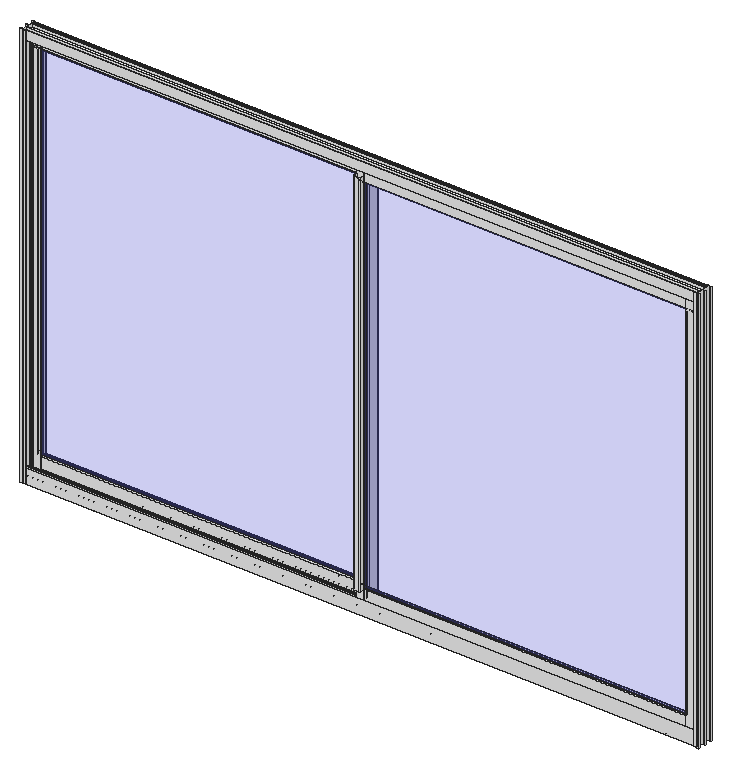
Revit family "Elite_OX_Standard", category Windows, host Wall, Revit 2014
Parameters (values of type "Elite-3018OX-1000Pa")
  Windload Design = if(Custom Windload < 1001 mm, 1000 mm, if(Custom Windload < 1501 mm, 1500 mm, 2000 mm))  # 1000 mm
  Width Sash Right [instance] = 1497.9 mm
  Width Sash Left [instance] = 1497.9 mm
  Wall Thickness [instance] = 200 mm
  Standard Interlocker = not(Inside Heavy Duty Interlocker)  # no
  Sash Width Right = (Width - (2 mm * 12) - Sash Width Left) + 29.8 mm  # 1497.9 mm
  Sash Width Left = if(Equal Sash Width, ((Width - (2 mm * 12)) / 2) + 14.9 mm, if(Custom Sash Width Left < Limit Sash Width Left Min, Limit Sash Width Left Min, if(Custom Sash Width Left > Limit Sash Width Left Max, Limit Sash Width Left Max, Custom Sash Width Left)))  # 1497.9 mm
  Sash Side Spacing = 0.5 mm  # constant formula
  Sash Height = Height - 29 mm - 54 mm  # 1707 mm
  Sash Frame Seal = 2.6 mm  # constant formula
  Rough Width = 2.5 mm
  Overall Width [instance] = 2990 mm
  Overall Height [instance] = 1790 mm
  Outside Heavy Duty Interlocker = if(Interlocker Configuration = 2 mm, 1 = 1, 1 = 0)  # yes
  Model = "Elite Sliding Window OX"
  Max Pane Area = if(Area Right Sash Glazing > Area Left Sash Glazing, Area Right Sash Glazing, Area Left Sash Glazing)  # 2.31898 m²
  Manufacturer = "Crealco"
  Limit Window Width Min = (2 * Limit Sash Width Min) + (2 mm * 12) - 29.8 mm  # 594.2 mm
  Limit Window Width Max = if(Windload Design = 1000 mm, (2 * Limit Sash Width Max) + (2 mm * 12) - 29.8 mm, if(Windload Design = 1500 mm, if(Custom Window Height > 1490 mm, 1490 mm, (2 * Limit Sash Width Max) + (2 mm * 12) - 29.8 mm), if(Custom Window Height > 1490 mm, 890 mm, (2 * Limit Sash Width Max) + (2 mm * 12) - 29.8 mm)))  # 2994.2 mm
  Limit Window Height Min = Limit Sash Height Min + (29 mm + 54 mm)  # 383 mm
  Limit Window Height Max = if(Windload Design = 1000 mm, Limit Sash Height Max + (29 mm + 54 mm), if(Windload Design = 1500 mm, if(and(Custom Window Width > 1490 mm, Custom Window Height > 1490 mm), 1490 mm, Limit Sash Height Max + (29 mm + 54 mm)), if(and(Custom Window Width > 890 mm, Custom Window Height > 1490 mm), 1490 mm, Limit Sash Height Max + (29 mm + 54 mm))))  # 1883 mm
  Limit Sash Width Min = 300 mm  # constant formula
  Limit Sash Width Max = 1500 mm  # constant formula
  Limit Sash Width Left Min = if(Width - (2 mm * 12) - Limit Sash Width Max + 29.8 mm < Limit Sash Width Min, Limit Sash Width Min, Width - (2 mm * 12) - Limit Sash Width Max + 29.8 mm)  # 1495.8 mm
  Limit Sash Width Left Max = if(Width - (2 mm * 12) - Limit Sash Width Min + 29.8 mm > Limit Sash Width Max, Limit Sash Width Max, Width - (2 mm * 12) - Limit Sash Width Min + 29.8 mm)  # 1500 mm
  Limit Sash Height Min = 300 mm  # constant formula
  Limit Sash Height Max = 1800 mm  # constant formula
  Interlocker Configuration = if(Windload Design = 1000 mm, if(or(not(Height > 890 mm), or(and(not(Height > 1190 mm), not(Width > 2690 mm)), and(not(Height > 1490 mm), not(Width > 890 mm)))), 0 mm, if(and(Height > 1490 mm, Width > 1190 mm), 2 mm, 1 mm)), if(Windload Design = 1500 mm, if(or(and(not(Width > 1190 mm), not(Height > 1190 mm)), not(Height > 890 mm)), 0 mm, if(or(and(Width > 1790 mm, Height > 1190 mm), and(Width > 890 mm, Height > 1490 mm)), 2 mm, 1 mm)), if(or(not(Height > 890 mm), and(not(Width > 890 mm), not(Height > 1190 mm))), 0 mm, if(or(Height > 1490 mm, and(Width > 1190 mm, Height > 1190 mm)), 2 mm, 1 mm))))  # 2 mm
  Height Sash [instance] = 1707 mm
  Height = if(Custom Window Height < Limit Window Height Min, Limit Window Height Min, if(Custom Window Height > Limit Window Height Max, Limit Window Height Max, Custom Window Height))  # 1790 mm
  Inside Heavy Duty Interlocker = if(or(Interlocker Configuration = 1 mm, Interlocker Configuration = 2 mm), 1 = 1, 1 = 0)  # yes
  Glazing Thickness = if(not(Max Pane Area > 0.75 m²), 4 mm, if(not(Max Pane Area > 1.50 m²), 4 mm, if(not(Max Pane Area > 2.10 m²), 5 mm, if(not(Max Pane Area > 2.90 m²), 6.4 mm, if(not(Max Pane Area > 4.30 m²), 8 mm, 10 mm)))))  # 6.4 mm
  Glass Type = Glass
  Frame Thickness = 70.3 mm  # constant formula
  Frame Offset From Exterior [instance] = if(Centered In Wall, (Wall Thickness - Frame Thickness) / 2, Custom Frame Offset From Exterior)  # 64.85 mm
  Equal Sash Width = yes
  Description = "Elite Sliding Window OX"
  Default Sill Height = 800 mm
  Wall Closure = By host
  Width = if(Custom Window Width < Limit Window Width Min, Limit Window Width Min, if(Custom Window Width > Limit Window Width Max, Limit Window Width Max, Custom Window Width))  # 2990 mm
  Custom Window Width = 2990 mm
  Custom Window Height = 1790 mm
  Custom Windload = 1000 mm
  Custom Sash Width Left = 600 mm
  Custom Frame Offset From Exterior = 0 mm
  Centered In Wall = yes
  Area Right Sash Glazing = (Sash Width Right - 21 mm - 41 mm) * (Sash Height - (46 mm * 2))  # 2.31898 m²
  Area Left Sash Glazing = (Sash Width Left - 21 mm - 41 mm) * (Sash Height - (46 mm * 2))  # 2.31898 m²
  Aluminium Finish [instance] = White Powder Coated Aluminium ANP 1052
Reference planes
  plane 1 "Center (Front/Back)": y = 0
  plane 2 "Center (Left/Right)": x = 0
  plane 3 "Left": x = -1495
  plane 4 "Right": x = 1495
  plane 5 "Sill": z = 800
  plane 6 "Head": z = 2590
  plane 7 "Exterior": y = 100
  plane 8 "Interior": y = -100
Lines and regions (mm)
  Opening 1
    outline origin (3500, -100, 0) x (1, 0, 0) y (0, 0, 1)
      loop
        line (-2005, 800) -> (-2005, 2590) -> (-4995, 2590) -> (-4995, 800) -> (-2005, 800)
Text (mm)
  text "EXTERIOR" at (-1963.203, 1332.353, 0), in view "Ref. Level"
  text "INTERIOR" at (-1981.466, -818.386, 0), in view "Ref. Level"
  text "Exterior" at (0, 923.751, 2943.296), in view "Right"
  text "Exterior" at (0, 1040.484, 2685.409), in view "Left"
Dimensions and locks
  equal spacing: plane 3 "Left", plane 2 "Center (Left/Right)", plane 4 "Right"
  "Width": plane 3 "Left" to plane 4 "Right"
  "Height": plane 5 "Sill" to plane 6 "Head"
  "Default Sill Height": plane 5 "Sill" to level
  locked: plane 7 "Exterior" to host wall at 0
  locked: plane 8 "Interior" to host wall
  "Overall Height": plane 6 "Head" to plane 5 "Sill"
  "Overall Width": plane 3 "Left" to plane 4 "Right"
  locked: host wall to nested 1 at 35.15
  "Sash Frame Seal": nested 1 to nested 2
  "Sash Frame Seal": nested 1 to nested 3
  "Sash Side Spacing": nested 1 to nested 3
  "Sash Side Spacing": nested 2 to nested 1
  "Width Sash Left": nested 2 to nested 2
  "Height Sash": nested 2 to nested 2
  "Width Sash Right": nested 3 to nested 3
  aligned and locked: nested 1 to plane 6 "Head"
  aligned and locked: nested 1 to plane 3 "Left"
  aligned and locked: nested 3 to nested 1
  aligned and locked: nested 2 to nested 1
Automatic sketch dimensions
  plane 3 "Left" to Opening 1 sketch curve = 0 mm
  plane 4 "Right" to Opening 1 sketch curve = 0 mm
  Opening 1 sketch curve to plane 5 "Sill" = 0 mm
  Opening 1 sketch curve to plane 6 "Head" = 0 mm
Nested families
  nested 1: "Elite_Frame_OX_XX" at (1495, -35.15, 800), Profile Material <- "Aluminium Finish", Width <- "Width", Height <- "Height", type "Elite_Frame_OX_XX"
    with Width 2990 mm, Profile Material White Powder Coated Aluminium ANP 1052, Length Jamb 1790 mm, Length Head & Sill 2967 mm, Height 1790 mm
  nested 2: "Elit_Sash_Inner" at (1483, -30.5, 854), Profile Material <- "Aluminium Finish", Glazing Material <- "Glass Type", Sash Width <- "Sash Width Left", Sash Height <- "Sash Height", Glazing Thickness <- "Glazing Thickness", Is Heavy Duty Interlocker <- "Inside Heavy Duty Interlocker", type "Elit_Sash_Inner"
    with Sash Width 1497.9 mm, Sash Height 1707 mm, Right Sliding no, Profile Material White Powder Coated Aluminium ANP 1052, Length Sash Head & Sill 1481.9 mm, Length Arrow Tip 141.141 mm, Length Arrow 465.767 mm, Left Sliding no, Is Standard Interlocker no, Is Sliding no, Is Heavy Duty Interlocker yes, Glazing Width 1435.9 mm, Glazing Thickness 6.4 mm, Glazing Start -3.2 mm, Glazing Material Glass, Glazing Height 1615 mm, Glazing Frame Side Gap 1.8 mm, Glazing End 3.2 mm, Arrow Tip Length 141.141 mm, Arrow Left Gap 485.067 mm, Arrow Bottom Gap 807.5 mm
  nested 3: "Elite_Sash_Outer" at (-1483, 30.2, 854) x (-1, 0, 0) z (0, 0, 1), Profile Material <- "Aluminium Finish", Glazing Material <- "Glass Type", Glazing Thickness <- "Glazing Thickness", Sash Width <- "Sash Width Right", Sash Height <- "Sash Height", Is Heavy Duty Interlocker <- "Outside Heavy Duty Interlocker", type "Elite_Sash_Outer"
    with Sash Width 1497.9 mm, Sash Height 1707 mm, Right Sliding yes, Profile Material White Powder Coated Aluminium ANP 1052, Length Sash Head & Sill 1481.9 mm, Length Arrow Tip 141.141 mm, Length Arrow 465.767 mm, Left Sliding no, Is Standard Interlocker no, Is Sliding yes, Is Heavy Duty Interlocker yes, Glazing Width 1435.9 mm, Glazing Thickness 6.4 mm, Glazing Start -3.2 mm, Glazing Material Glass, Glazing Height 1615 mm, Glazing Frame Side Gap 1.8 mm, Glazing End 3.2 mm, Arrow Tip Length 141.141 mm, Arrow Left Gap 485.067 mm, Arrow Bottom Gap 807.5 mm
Definition of nested family "Elite_Frame_OX_XX"
  Parameters (values of type "Elite_Frame_OX_XX")
    Width [instance] = 900 mm
    Profile Material [instance] = none
    Length Jamb [instance] = Height  # 900 mm
    Length Head & Sill [instance] = Width - 2 * 11.5 mm  # 877 mm
    Height [instance] = 900 mm
  Reference planes
    plane 1 "Center (Front/Back)": y = 0
    plane 2: z = 0
    plane 3 "Center (Left/Right)": x = 0
  Dimensions and locks
    aligned and locked: level to plane 2
    aligned and locked: nested 2 to plane 2
    aligned and locked: plane 3 "Center (Left/Right)" to nested 2
    aligned and locked: plane 1 "Center (Front/Back)" to nested 2
    aligned and locked: nested 1 to nested 2  (x2)
    aligned and locked: nested 2 to nested 3
    aligned and locked: nested 2 to nested 1
    aligned and locked: nested 4 to plane 1 "Center (Front/Back)"
    aligned and locked: nested 4 to nested 1
    aligned and locked: plane 2 to nested 4
    aligned and locked: nested 3 to nested 2
    aligned and locked: nested 3 to nested 4
  Nested families
    nested 1: "Elite_Frame_Sill" at (-11.5, 68.5, 0) x (-1, 0, 0) z (0, 0, 1), Profile Material <- "Profile Material", Length Frame Sill <- "Length Head & Sill", type "Elite_Frame_Sill"
      with Profile Material none, Length Frame Sill 877 mm
    nested 2: "Elite_Frame_Jamb_Mirror" at (-24.5, 70.3, 0) x (0, -1, 0) z (0, 0, 1), Profile Material <- "Profile Material", Length Frame Jamb <- "Length Jamb", type "Elite_Frame_Jamb_Mirror"
      with Profile Material none, Length Frame Jamb 900 mm
    nested 3: "Elite_Frame_Head" at (-888.5, 1.5, 759.46), Profile Material <- "Profile Material", Length Frame Head <- "Length Head & Sill", type "Elite_Frame_Head"
      with Profile Material none, Length Frame Head 877 mm
    nested 4: "Elite_Frame_Jamb" at (-875.5, 70.3, 0) x (0, -1, 0) z (0, 0, 1), Profile Material <- "Profile Material", Length Frame Jamb <- "Length Jamb", type "Elite_Frame_Jamb"
      with Profile Material none, Length Frame Jamb 900 mm
  Definition of nested family "Elite_Frame_Sill"
    Parameters (values of type "Elite_Frame_Sill")
      Profile Material [instance] = none
      Length Frame Sill [instance] = 250 mm
    Reference planes
      plane 1 "Center (Front/Back)": y = 0
      plane 2: z = 0
      plane 3 "Center (Left/Right)": x = 0
    Forms (mm)
      Extrusion 1, solid, material <- "Profile Material"
        sketch origin (0, 0, 0) x (0, 1, 0) y (0, 0, 1)
          loop
            line (20.5, 61.807) -> (15.922, 62.99) -> (11.5, 61.805) -> (11.5, 54) -> (12.9, 54) -> (12.9, 60.734) -> (16.078, 61.54) -> (19.1, 60.731) -> (19.1, 37) -> (12.88, 36.997) -> (0, 35.262) -> (0, 11.5) -> (1.4, 11.5) -> (1.4, 15) -> (12, 15) -> (12, 0) -> (17, 0) -> (17, 1) -> (13.4, 1) -> (13.4, 5) -> (17, 5) -> (17, 6) -> (13.4, 6) -> (13.4, 18.532) -> (65.6, 20.009) -> (65.6, 6) -> (62, 6) -> (62, 5) -> (65.6, 5) -> (65.6, 1) -> (62, 1) -> (62, 0) -> (67, 0) -> (67, 63) -> (65.6, 63) -> (65.6, 37) -> (55.5, 37) -> (55.5, 61.807) -> (50.922, 62.99) -> (46.5, 61.805) -> (46.5, 54) -> (47.9, 54) -> (47.9, 60.734) -> (51.078, 61.54) -> (54.1, 60.731) -> (54.1, 37) -> (20.5, 37) -> (20.5, 61.807)
          loop
            line (65.6, 35.6) -> (12.994, 35.6) -> (1.4, 34.038) -> (1.4, 16.4) -> (12, 16.4) -> (12, 19.893) -> (65.6, 21.409) -> (65.6, 35.6)
        from 0 to 250 <- "Length Frame Sill"
    Dimensions and locks
      aligned and locked: level to plane 2
  Definition of nested family "Elite_Frame_Jamb_Mirror"
    Parameters (values of type "Elite_Frame_Jamb_Mirror")
      Void Spacing Top = 13 mm  # constant formula
      Void Spacing Bottom = 38 mm  # constant formula
      Void Cut Length = 13 mm  # constant formula
      Profile Material [instance] = none
      Length Frame Jamb [instance] = 250 mm
    Reference planes
      plane 1 "Center (Front/Back)": y = 0
      plane 2: z = 0
      plane 3 "Center (Left/Right)": x = 0
    Forms (mm)
      Extrusion 1, solid, material <- "Profile Material"
        sketch origin (-5.594, -3.252, 0) x (1, 0, 0) y (0, 1, 0)
          loop
            line (74.394, 26.252) -> (74.394, 17.752) -> (41.394, 17.752) -> (41.394, 27.752) -> (40.094, 27.752) -> (40.094, 17.752) -> (7.094, 17.752) -> (7.094, 26.252) -> (12.594, 26.252) -> (12.594, 27.752) -> (5.594, 27.752) -> (5.594, 3.252) -> (7.094, 3.252) -> (7.094, 16.252) -> (49.743, 16.252) -> (49.743, 10.75) -> (52.03, 3.252) -> (53.599, 3.252) -> (50.994, 11.791) -> (50.994, 16.252) -> (65.494, 16.252) -> (65.494, 11.791) -> (62.888, 3.252) -> (64.457, 3.252) -> (66.744, 10.793) -> (66.744, 16.252) -> (74.394, 16.252) -> (74.394, 3.252) -> (75.894, 3.252) -> (75.894, 27.752) -> (68.894, 27.752) -> (68.894, 26.252) -> (74.394, 26.252)
        from 0 to 250 <- "Length Frame Jamb"
      Extrusion 2, void
        sketch origin (70.3, 0, 0) x (1, 0, 0) y (0, 0, -1)
          loop
            line (-26.151, -237) -> (-26.151, -250) -> (-9.15, -250) -> (-9.15, -237) -> (-26.151, -237)
          loop
            line (-26.151, -38) -> (-9.15, -38) -> (-9.15, 0) -> (-26.151, 0) -> (-26.151, -38)
        from 0 to 13 <- "Void Cut Length"
    Cuts and joins
      Extrusion 2 cuts Extrusion 1
    Dimensions and locks
      "Void Spacing Top": Extrusion 2 sketch curve to Extrusion 2 sketch curve
      "Void Spacing Bottom": Extrusion 2 sketch curve to Extrusion 2 sketch curve
      aligned and locked: level to plane 2
      aligned and locked: Extrusion 1 to Extrusion 2 sketch curve  (x2)
      aligned and locked: Extrusion 2 sketch curve to Extrusion 1
      aligned and locked: Extrusion 2 sketch curve to cut or joined group of Extrusion 1, Extrusion 2  (x3)
    Automatic sketch dimensions
      Extrusion 1 sketch curve to plane 3 "Center (Left/Right)" = 0 mm
      plane 1 "Center (Front/Back)" to Extrusion 1 sketch curve = 0 mm  (x4)
      plane 3 "Center (Left/Right)" to Extrusion 1 sketch curve = 1.5 mm  (x2)
      Extrusion 1 sketch curve to Extrusion 1 sketch curve = 5.5 mm  (x2)
      Extrusion 1 sketch curve to Extrusion 1 sketch curve = 27.5 mm
      Extrusion 1 sketch curve to Extrusion 1 sketch curve = 1.3 mm
      Extrusion 1 sketch curve to Extrusion 1 sketch curve = 8.349 mm
      Extrusion 1 sketch curve to Extrusion 1 sketch curve = 1.251 mm
      Extrusion 1 sketch curve to Extrusion 1 sketch curve = 2.288 mm
      Extrusion 1 sketch curve to Extrusion 1 sketch curve = 1.568 mm
      Extrusion 1 sketch curve to Extrusion 1 sketch curve = 9.29 mm
      Extrusion 1 sketch curve to Extrusion 1 sketch curve = 1.569 mm
      Extrusion 1 sketch curve to Extrusion 1 sketch curve = 1.037 mm
      Extrusion 1 sketch curve to Extrusion 1 sketch curve = 1.25 mm
      Extrusion 1 sketch curve to Extrusion 1 sketch curve = 2.15 mm
      Extrusion 1 sketch curve to Extrusion 1 sketch curve = 0 mm  (x3)
      Extrusion 1 sketch curve to Extrusion 1 sketch curve = 1.5 mm  (x5)
      Extrusion 1 sketch curve to plane 1 "Center (Front/Back)" = 7.498 mm
      Extrusion 1 sketch curve to plane 1 "Center (Front/Back)" = 7.54 mm
      Extrusion 1 sketch curve to Extrusion 1 sketch curve = 0.998 mm
      Extrusion 1 sketch curve to Extrusion 1 sketch curve = 1.041 mm
      Extrusion 1 sketch curve to Extrusion 1 sketch curve = 4.461 mm
      Extrusion 1 sketch curve to Extrusion 1 sketch curve = 8.5 mm  (x2)
      Extrusion 1 sketch curve to Extrusion 1 sketch curve = 10 mm
  Definition of nested family "Elite_Frame_Head"
    Parameters (values of type "Elite_Frame_Head")
      Profile Material [instance] = none
      Length Frame Head [instance] = 250 mm
    Reference planes
      plane 1 "Center (Front/Back)": y = 0
      plane 2: z = 0
      plane 3 "Center (Left/Right)": x = 0
    Forms (mm)
      Extrusion 1, solid, material <- "Profile Material"
        sketch origin (0, 0, 0) x (0, 1, 0) y (0, 0, 1)
          loop
            line (11.5, 102.54) -> (20.5, 102.54) -> (20.5, 111.54) -> (19.1, 111.54) -> (19.1, 103.94) -> (12.9, 103.94) -> (12.9, 128.64) -> (54.1, 128.64) -> (54.1, 103.94) -> (47.9, 103.94) -> (47.9, 111.54) -> (46.5, 111.54) -> (46.5, 102.54) -> (55.5, 102.54) -> (55.5, 128.64) -> (65.5, 128.64) -> (65.5, 102.54) -> (67, 102.54) -> (67, 140.54) -> (61.65, 140.54) -> (61.65, 139.14) -> (65.5, 139.14) -> (65.5, 130.04) -> (49.298, 130.04) -> (49.298, 140.54) -> (47.9, 140.54) -> (47.9, 130.04) -> (19.1, 130.04) -> (19.1, 140.54) -> (17.7, 140.54) -> (17.7, 130.04) -> (1.5, 130.04) -> (1.5, 139.14) -> (5.35, 139.14) -> (5.35, 140.54) -> (0, 140.54) -> (0, 102.54) -> (1.5, 102.54) -> (1.5, 128.64) -> (11.5, 128.64) -> (11.5, 102.54)
        from 0 to 250 <- "Length Frame Head"
    Dimensions and locks
      aligned and locked: level to plane 2
  Definition of nested family "Elite_Frame_Jamb"
    Parameters (values of type "Elite_Frame_Jamb")
      Void Spacing Top = 13 mm  # constant formula
      Void Spacing Bottom = 38 mm  # constant formula
      Void Cut Length = 13 mm  # constant formula
      Profile Material [instance] = none
      Length Frame Jamb [instance] = 250 mm
    Reference planes
      plane 1 "Center (Front/Back)": y = 0
      plane 2: z = 0
      plane 3 "Center (Left/Right)": x = 0
    Forms (mm)
      Extrusion 1, solid, material <- "Profile Material"
        sketch origin (-5.594, -3.252, 0) x (1, 0, 0) y (0, 1, 0)
          loop
            line (7.094, 26.252) -> (12.594, 26.252) -> (12.594, 27.752) -> (5.594, 27.752) -> (5.594, 3.252) -> (7.094, 3.252) -> (7.094, 16.252) -> (14.744, 16.252) -> (14.744, 10.793) -> (17.03, 3.252) -> (18.599, 3.252) -> (15.994, 11.791) -> (15.994, 16.252) -> (30.494, 16.252) -> (30.494, 11.791) -> (27.888, 3.252) -> (29.457, 3.252) -> (31.744, 10.75) -> (31.744, 16.252) -> (74.394, 16.252) -> (74.394, 3.252) -> (75.894, 3.252) -> (75.894, 27.752) -> (68.894, 27.752) -> (68.894, 26.252) -> (74.394, 26.252) -> (74.394, 17.752) -> (41.394, 17.752) -> (41.394, 27.752) -> (40.094, 27.752) -> (40.094, 17.752) -> (7.094, 17.752) -> (7.094, 26.252)
        from 0 to 250 <- "Length Frame Jamb"
      Extrusion 2, void
        sketch origin (68.8, 0, 0) x (-1, 0, 0) y (0, 0, 1)
          loop
            line (59.65, 250) -> (42.649, 250) -> (42.649, 237) -> (59.65, 237) -> (59.65, 250)
          loop
            line (42.649, 0) -> (59.65, 0) -> (59.65, 38) -> (42.649, 38) -> (42.649, 0)
        from 0 to 13 <- "Void Cut Length"
    Cuts and joins
      Extrusion 2 cuts Extrusion 1
    Dimensions and locks
      "Void Spacing Bottom": Extrusion 2 sketch curve to Extrusion 2 sketch curve
      "Void Spacing Top": Extrusion 2 sketch curve to Extrusion 2 sketch curve
      aligned and locked: level to plane 2
      aligned and locked: Extrusion 2 sketch curve to Extrusion 1  (x6)
    Automatic sketch dimensions
      plane 1 "Center (Front/Back)" to Extrusion 1 sketch curve = 0 mm  (x4)
      Extrusion 1 sketch curve to plane 3 "Center (Left/Right)" = 0 mm
      plane 3 "Center (Left/Right)" to Extrusion 1 sketch curve = 1.5 mm  (x2)
      Extrusion 1 sketch curve to Extrusion 1 sketch curve = 5.5 mm  (x2)
      Extrusion 1 sketch curve to Extrusion 1 sketch curve = 7.65 mm
      Extrusion 1 sketch curve to Extrusion 1 sketch curve = 1.25 mm
      Extrusion 1 sketch curve to Extrusion 1 sketch curve = 2.287 mm
      Extrusion 1 sketch curve to Extrusion 1 sketch curve = 1.569 mm
      Extrusion 1 sketch curve to Extrusion 1 sketch curve = 9.29 mm
      Extrusion 1 sketch curve to Extrusion 1 sketch curve = 1.568 mm
      Extrusion 1 sketch curve to Extrusion 1 sketch curve = 1.037 mm
      Extrusion 1 sketch curve to plane 1 "Center (Front/Back)" = 7.498 mm
      Extrusion 1 sketch curve to Extrusion 1 sketch curve = 1.251 mm
      Extrusion 1 sketch curve to Extrusion 1 sketch curve = 8.349 mm
      Extrusion 1 sketch curve to Extrusion 1 sketch curve = 1.3 mm
      Extrusion 1 sketch curve to Extrusion 1 sketch curve = 27.5 mm
      Extrusion 1 sketch curve to Extrusion 1 sketch curve = 0 mm  (x3)
      Extrusion 1 sketch curve to Extrusion 1 sketch curve = 1.5 mm  (x5)
      Extrusion 1 sketch curve to plane 1 "Center (Front/Back)" = 7.54 mm
      Extrusion 1 sketch curve to Extrusion 1 sketch curve = 0.998 mm
      Extrusion 1 sketch curve to Extrusion 1 sketch curve = 1.041 mm
      Extrusion 1 sketch curve to Extrusion 1 sketch curve = 4.461 mm
      Extrusion 1 sketch curve to Extrusion 1 sketch curve = 8.5 mm  (x2)
      Extrusion 1 sketch curve to Extrusion 1 sketch curve = 10 mm
Definition of nested family "Elit_Sash_Inner"
  Parameters (values of type "Elit_Sash_Inner")
    Top&Bottom Side Spacing = 14.5 mm  # constant formula
    Sash Width [instance] = 1500 mm
    Sash Height [instance] = 1200 mm
    Right Sliding [instance] = yes
    Profile Material [instance] = White Powder Coated Aluminium ANP 1052
    Overlap Gap = 1.4 mm  # constant formula
    Middle of Glazing = 13 mm  # constant formula
    Length Sash Head & Sill [instance] = Sash Width - 14.5 mm - 1.5 mm  # 1484 mm
    Length Arrow Tip [instance] = Length Arrow / 3.3  # 141.354 mm
    Length Arrow [instance] = (Sash Width - (2 * 50.3 mm)) / 3  # 466.467 mm
    Left Sliding [instance] = yes
    Is Standard Interlocker [instance] = not(Is Heavy Duty Interlocker)  # no
    Is Sliding [instance] = if(or(Right Sliding, Left Sliding), 1 = 1, 1 = 2)  # yes
    Is Heavy Duty Interlocker [instance] = yes
    Glazing Width [instance] = Sash Width - 21 mm - 41 mm  # 1438 mm
    Glazing Thickness [instance] = 6.4 mm
    Glazing Start [instance] = -Glazing Thickness / 2  # -3.2 mm
    Glazing Side Spacing = 41 mm  # constant formula
    Glazing Profile Gap = 459.05 mm
    Glazing Material [instance] = Glass
    Glazing Height [instance] = Sash Height - (46 mm * 2)  # 1108 mm
    Glazing Frame Side Gap [instance] = (10 mm - Glazing Thickness) / 2  # 1.8 mm
    Glazing Frame Gap = 5 mm  # constant formula
    Glazing End [instance] = Glazing Thickness / 2  # 3.2 mm
    Glazing Edge Interlocker Gap = 17 mm  # constant formula
    Glazing Edge Bottom and Top Gap = 46 mm  # constant formula
    Arrow Tip Length [instance] = if((Sash Height - (2 * 50.3 mm)) / 8 > Length Arrow / 3.3, Length Arrow / 3.3, (Sash Height - (2 * 50.3 mm)) / 8)  # 137.425 mm
    Arrow Tip Angle = 45.00°
    Arrow Left Gap [instance] = (Sash Width - 21 mm - 41 mm - Length Arrow) / 2  # 485.767 mm
    Arrow Bottom Gap [instance] = Sash Height / 2 - 46 mm  # 554 mm
    1.5 Spacing = 1.5 mm  # constant formula
  Reference planes
    plane 1 "Center (Front/Back)": y = 0
    plane 2: z = 0
    plane 3 "Center (Left/Right)": x = 0
    plane 4: y = -13
  Forms (mm)
    Extrusion 1, solid, material "Glass" <- "Glazing Material"
      sketch origin (-1492.688, -13, 1709.9) x (-1, 0, 0) y (0, 0, 1)
        loop
          line (-13.688, -555.9) -> (-1451.688, -555.9) -> (-1451.688, -1663.9) -> (-13.688, -1663.9) -> (-13.688, -555.9)
      from -3.2 <- "Glazing Start" to 3.2 <- "Glazing End"
  Lines and regions (mm)
    model lines, visible <- "Is Sliding"
      curve 1: line (-993.233, -16.2, 600) -> (-526.767, -16.2, 600)
    model lines, visible <- "Left Sliding"
      curve 2: line (-526.767, -16.2, 600) -> (-623.941, -16.2, 697.174)
      curve 3: line (-526.767, -16.2, 600) -> (-623.941, -16.2, 502.826)
    model lines, visible <- "Right Sliding"
      curve 4: line (-993.233, -16.2, 600) -> (-893.281, -16.2, 699.952)
      curve 5: line (-993.233, -16.2, 600) -> (-893.281, -16.2, 500.048)
  Dimensions and locks
    "Length Arrow": curve 1 to curve 1
    "Arrow Left Gap": Extrusion 1 to curve 1
    "Arrow Bottom Gap": Extrusion 1 to curve 1
    "Arrow Tip Length": curve 3 to curve 2
    "Arrow Tip Length": curve 3 to curve 3
    "Length Arrow Tip": curve 5 to curve 5
    "Length Arrow Tip": curve 5 to curve 4
    "Middle of Glazing": plane 4 to plane 1 "Center (Front/Back)"
    "Glazing Width": Extrusion 1 to Extrusion 1
    "Glazing Height": Extrusion 1 to Extrusion 1
    "Sash Width": nested 2 to plane 3 "Center (Left/Right)"
    "Glazing Side Spacing": Extrusion 1 to plane 3 "Center (Left/Right)"
    "1.5 Spacing": nested 3 to plane 1 "Center (Front/Back)"
    "Top&Bottom Side Spacing": nested 3 to plane 3 "Center (Left/Right)"
    "Top&Bottom Side Spacing": nested 4 to plane 3 "Center (Left/Right)"
    "1.5 Spacing": nested 4 to plane 1 "Center (Front/Back)"
    "Sash Height": nested 3 to plane 2
    "Glazing Edge Bottom and Top Gap": plane 2 to Extrusion 1
    "Sash Width": nested 5 to plane 3 "Center (Left/Right)"
    "Arrow Tip Angle": angle curve 3 to curve 1
    "Arrow Tip Angle": angle curve 1 to curve 2
    "Arrow Tip Angle": angle curve 4 to curve 1
    "Arrow Tip Angle": angle curve 1 to curve 5
    aligned and locked: level to plane 2
    aligned and locked: plane 3 "Center (Left/Right)" to nested 1
    aligned and locked: nested 1 to plane 2
    aligned and locked: nested 4 to plane 2
    aligned and locked: nested 2 to plane 2
    aligned and locked: nested 2 to plane 1 "Center (Front/Back)"
    aligned and locked: nested 5 to plane 1 "Center (Front/Back)"
    aligned and locked: nested 5 to plane 2
  Automatic sketch dimensions
    Extrusion 1 sketch curve to Extrusion 1 sketch curve = 1108 mm
    level to Extrusion 1 sketch curve = 46 mm
    Extrusion 1 sketch curve to plane 3 "Center (Left/Right)" = 41 mm
    Extrusion 1 sketch curve to Extrusion 1 sketch curve = 1438 mm
  Nested families
    nested 1: "Elite_Lock_Stile" at (0, -26, 0) x (0, 1, 0) z (0, 0, 1), Profile Material <- "Profile Material", Length Lock Stile <- "Sash Height", type "Elite_Lock_Stile"
      with Profile Material White Powder Coated Aluminium ANP 1052, Length Lock Stile 1200 mm
    nested 2: "Elite_Interlocker" at (-1506.667, 6.916, 0) x (0, -1, 0) z (0, 0, 1), Profile Material <- "Profile Material", Length Interlocker <- "Sash Height", visible <- "Is Standard Interlocker", type "Elite_Interlocker"
      with Profile Material White Powder Coated Aluminium ANP 1052, Length Interlocker 1200 mm
    nested 3: "Elite_Sash_Top" at (-1498.5, -24.2, 1052), Profile Material <- "Profile Material", Length Sash Top <- "Length Sash Head & Sill", type "Elite_Sash_Top"
      with Profile Material White Powder Coated Aluminium ANP 1052, Length Sash Top 1484 mm
    nested 4: "Elite_Sash_Bottom" at (-1498.5, -24.2, 0), Profile Material <- "Profile Material", Length Sash Bottom <- "Length Sash Head & Sill", type "Elite_Sash_Bottom"
      with Profile Material White Powder Coated Aluminium ANP 1052, Length Sash Bottom 1484 mm
    nested 5: "Elite_Heavy_Duty_Interlocker_Inside" at (-1500, 20, 0) x (0, -1, 0) z (0, 0, 1), Length Heavy Duty Interlocker <- "Sash Height", Profile Material <- "Profile Material", visible <- "Is Heavy Duty Interlocker", type "Elite_Heavy_Duty_Interlocker_Inside"
      with Profile Material White Powder Coated Aluminium ANP 1052, Length Heavy Duty Interlocker 1200 mm
  Definition of nested family "Elite_Lock_Stile"
    Parameters (values of type "Elite_Lock_Stile")
      Width Rail Cut = 13 mm  # constant formula
      Side Gap Rail Cut = 5 mm  # constant formula
      Profile Material [instance] = none
      Length Lock Stile [instance] = 250 mm
      Height Rail Cut = 26 mm  # constant formula
      Height Large Cut = 55 mm  # constant formula
    Reference planes
      plane 1 "Center (Front/Back)": y = 0
      plane 2: z = 0
      plane 3 "Center (Left/Right)": x = 0
    Forms (mm)
      Extrusion 1, solid, material <- "Profile Material"
        sketch origin (0, 0, 0) x (1, 0, 0) y (0, 1, 0)
          loop
            line (0, 0) -> (3.5, 0) -> (3.5, 2.4) -> (2.5, 2.4) -> (2.5, 1.2) -> (1.2, 1.2) -> (1.2, 8.8) -> (2.5, 8.8) -> (2.5, 7.6) -> (3.5, 7.6) -> (3.5, 10) -> (1.5, 10) -> (1.5, 13) -> (24.5, 13) -> (24.5, 10) -> (22.5, 10) -> (22.5, 7.6) -> (23.5, 7.6) -> (23.5, 8.8) -> (24.8, 8.8) -> (24.8, 1.2) -> (23.5, 1.2) -> (23.5, 2.4) -> (22.5, 2.4) -> (22.5, 0) -> (26, 0) -> (26, 49.8) -> (24.5, 49.8) -> (24.5, 49) -> (18, 49) -> (18, 43) -> (19.5, 43) -> (19.5, 47.5) -> (24.5, 47.5) -> (24.5, 36) -> (1.5, 36) -> (1.5, 47.5) -> (6.5, 47.5) -> (6.5, 43) -> (8, 43) -> (8, 49) -> (1.5, 49) -> (1.5, 49.8) -> (0, 49.8) -> (0, 0)
          loop
            line (1.5, 14.5) -> (24.5, 14.5) -> (24.5, 34.5) -> (13, 34.5) -> (1.5, 34.5) -> (1.5, 14.5)
        from 0 to 250 <- "Length Lock Stile"
      Extrusion 2, void
        sketch origin (24.4, 49, 0) x (1, 0, 0) y (0, 0, 1)
          loop
            line (0.1, 250) -> (-22.9, 250) -> (-22.9, 195) -> (0.1, 195) -> (0.1, 250)
          loop
            line (-22.9, 0) -> (0.1, 0) -> (0.1, 55) -> (-22.9, 55) -> (-22.9, 0)
        from 0 to 25
      Extrusion 3, void
        sketch origin (13, 14.5, 0) x (1, 0, 0) y (0, 0, 1)
          loop
            line (6.5, 250) -> (-6.5, 250) -> (-6.5, 224) -> (6.5, 224) -> (6.5, 250)
          loop
            line (6.5, 0) -> (6.5, 26) -> (-6.5, 26) -> (-6.5, 0) -> (6.5, 0)
        from 0 to 250
    Cuts and joins
      Extrusion 2, Extrusion 3 cuts Extrusion 1
    Dimensions and locks
      "Height Large Cut": Extrusion 2 sketch curve to Extrusion 2 sketch curve  (x2)
      "Height Rail Cut": Extrusion 3 sketch curve to Extrusion 3 sketch curve  (x2)
      "Width Rail Cut": Extrusion 3 sketch curve to Extrusion 3 sketch curve  (x2)
      "Side Gap Rail Cut": Extrusion 3 sketch curve to cut or joined group of Extrusion 1, Extrusion 2, Extrusion 3  (x2)
      aligned and locked: level to plane 2
      aligned and locked: Extrusion 1 to Extrusion 2 sketch curve  (x2)
      aligned and locked: Extrusion 2 sketch curve to Extrusion 1  (x4)
      aligned and locked: Extrusion 3 sketch curve to cut or joined group of Extrusion 1, Extrusion 2, Extrusion 3
      aligned and locked: cut or joined group of Extrusion 1, Extrusion 2, Extrusion 3 to Extrusion 3 sketch curve
    Automatic sketch dimensions
      Extrusion 1 sketch curve to plane 3 "Center (Left/Right)" = 0 mm
      plane 1 "Center (Front/Back)" to Extrusion 1 sketch curve = 0 mm  (x2)
      plane 3 "Center (Left/Right)" to Extrusion 1 sketch curve = 1.2 mm
      plane 3 "Center (Left/Right)" to Extrusion 1 sketch curve = 1.5 mm  (x2)
      Extrusion 1 sketch curve to Extrusion 1 sketch curve = 0 mm  (x4)
      Extrusion 1 sketch curve to Extrusion 1 sketch curve = 0.3 mm  (x2)
      Extrusion 1 sketch curve to Extrusion 1 sketch curve = 1.3 mm  (x2)
      Extrusion 1 sketch curve to Extrusion 1 sketch curve = 1 mm  (x4)
      Extrusion 1 sketch curve to Extrusion 1 sketch curve = 5 mm  (x4)
      Extrusion 1 sketch curve to Extrusion 1 sketch curve = 1.5 mm  (x6)
      Extrusion 1 sketch curve to plane 1 "Center (Front/Back)" = 2.4 mm
      Extrusion 1 sketch curve to Extrusion 1 sketch curve = 19 mm
      Extrusion 1 sketch curve to Extrusion 1 sketch curve = 2 mm
      Extrusion 1 sketch curve to Extrusion 1 sketch curve = 1.2 mm  (x6)
      Extrusion 1 sketch curve to plane 1 "Center (Front/Back)" = 1.2 mm  (x2)
      Extrusion 1 sketch curve to Extrusion 1 sketch curve = 5.2 mm  (x2)
      Extrusion 1 sketch curve to Extrusion 1 sketch curve = 3 mm
      Extrusion 1 sketch curve to Extrusion 1 sketch curve = 20 mm
      Extrusion 1 sketch curve to Extrusion 1 sketch curve = 7 mm  (x2)
      Extrusion 1 sketch curve to Extrusion 1 sketch curve = 4.5 mm  (x2)
      Extrusion 1 sketch curve to Extrusion 1 sketch curve = 0.8 mm  (x2)
  Definition of nested family "Elite_Interlocker"
    Parameters (values of type "Elite_Interlocker")
      Rail Cut Width = 13 mm  # constant formula
      Rail Cut Side Spacing = 5 mm  # constant formula
      Rail Cut Height = 26 mm  # constant formula
      Profile Material [instance] = none
      Length Interlocker [instance] = 250 mm
      Large Cut Height = 55 mm  # constant formula
    Reference planes
      plane 1 "Center (Front/Back)": y = 0
      plane 2: z = 0
      plane 3 "Center (Left/Right)": x = 0
    Forms (mm)
      Extrusion 1, solid, material <- "Profile Material"
        sketch origin (0, 0, 0) x (1, 0, 0) y (0, 1, 0)
          loop
            line (6.916, 36.467) -> (6.916, 6.667) -> (39.416, 6.667) -> (39.416, 9.551) -> (38.416, 9.551) -> (38.416, 8.167) -> (37.116, 8.167) -> (37.116, 9.551) -> (36.116, 9.551) -> (36.116, 8.167) -> (32.916, 8.167) -> (32.916, 15.167) -> (36.116, 15.167) -> (36.116, 13.78) -> (37.116, 13.78) -> (37.116, 15.167) -> (38.416, 15.167) -> (38.416, 13.78) -> (39.416, 13.78) -> (39.416, 25.167)
            arc (39.416, 25.167) -> (38.973, 25.663) -> (38.429, 25.28) r 0.5
            line (38.429, 25.28) -> (36.426, 16.667) -> (32.916, 16.667) -> (32.916, 36.467) -> (31.416, 36.467) -> (31.416, 35.667) -> (24.916, 35.667) -> (24.916, 29.667) -> (26.416, 29.667) -> (26.416, 34.167) -> (31.416, 34.167) -> (31.416, 22.667) -> (19.916, 22.667) -> (8.416, 22.667) -> (8.416, 34.167) -> (13.416, 34.167) -> (13.416, 29.667) -> (14.916, 29.667) -> (14.916, 35.667) -> (8.416, 35.667) -> (8.416, 36.467) -> (6.916, 36.467)
          loop
            line (8.416, 21.167) -> (8.416, 8.167) -> (31.416, 8.167) -> (31.416, 21.167) -> (19.916, 21.167) -> (8.416, 21.167)
        from 0 to 250 <- "Length Interlocker"
      Extrusion 2, void
        sketch origin (14.616, 35.667, 0) x (1, 0, 0) y (0, 0, 1)
          loop
            line (11.8, 250) -> (-1.2, 250) -> (-1.2, 224) -> (11.8, 224) -> (11.8, 250)
          loop
            line (-1.2, 0) -> (11.8, 0) -> (11.8, 26) -> (-1.2, 26) -> (-1.2, 0)
        from 0 to 250
      Extrusion 3, void
        sketch origin (31.316, 35.667, 0) x (1, 0, 0) y (0, 0, 1)
          loop
            line (0.1, 250) -> (-22.9, 250) -> (-22.9, 195) -> (0.1, 195) -> (0.1, 250)
          loop
            line (-22.9, 0) -> (0.1, 0) -> (0.1, 55) -> (-22.9, 55) -> (-22.9, 0)
        from 0 to 25
    Cuts and joins
      Extrusion 2, Extrusion 3 cuts Extrusion 1
    Dimensions and locks
      "Rail Cut Width": Extrusion 2 sketch curve to Extrusion 2 sketch curve  (x2)
      "Rail Cut Side Spacing": Extrusion 2 sketch curve to Extrusion 1  (x2)
      "Rail Cut Height": Extrusion 2 sketch curve to Extrusion 2 sketch curve  (x2)
      "Large Cut Height": Extrusion 3 sketch curve to Extrusion 3 sketch curve  (x2)
      aligned and locked: level to plane 2
      aligned and locked: Extrusion 1 to Extrusion 2 sketch curve  (x2)
      aligned and locked: Extrusion 3 sketch curve to cut or joined group of Extrusion 1, Extrusion 2, Extrusion 3  (x4)
      aligned and locked: cut or joined group of Extrusion 1, Extrusion 2, Extrusion 3 to Extrusion 3 sketch curve  (x2)
    Automatic sketch dimensions
      plane 3 "Center (Left/Right)" to Extrusion 1 sketch curve = 6.916 mm
      plane 3 "Center (Left/Right)" to Extrusion 1 sketch curve = 8.416 mm
      Extrusion 1 sketch curve to Extrusion 1 sketch curve = 1.5 mm  (x11)
      Extrusion 1 sketch curve to Extrusion 1 sketch curve = 0 mm  (x6)
      Extrusion 1 sketch curve to Extrusion 1 sketch curve = 5 mm  (x4)
      Extrusion 1 sketch curve to Extrusion 1 sketch curve = 3.2 mm  (x2)
      Extrusion 1 sketch curve to Extrusion 1 sketch curve = 0.31 mm
      Extrusion 1 sketch curve to Extrusion 1 sketch curve = 1 mm  (x4)
      Extrusion 1 sketch curve to Extrusion 1 sketch curve = 1.3 mm  (x2)
      Extrusion 1 sketch curve to Extrusion 1 sketch curve = 7.013 mm
      Extrusion 1 sketch curve to Extrusion 1 sketch curve = 0.487 mm
      Extrusion 1 sketch curve to plane 1 "Center (Front/Back)" = 6.667 mm
      Extrusion 1 sketch curve to Extrusion 1 sketch curve = 1.384 mm  (x2)
      Extrusion 1 sketch curve to Extrusion 1 sketch curve = 4.229 mm
      Extrusion 1 sketch curve to Extrusion 1 sketch curve = 1.387 mm  (x2)
      Extrusion 1 sketch curve to Extrusion 1 sketch curve = 13 mm
      Extrusion 1 sketch curve to Extrusion 1 sketch curve = 2.5 mm
      Extrusion 1 sketch curve to Extrusion 1 sketch curve = 7 mm  (x2)
      Extrusion 1 sketch curve to Extrusion 1 sketch curve = 4.5 mm  (x2)
      Extrusion 1 sketch curve to Extrusion 1 sketch curve = 0.8 mm  (x2)
  Definition of nested family "Elite_Sash_Top"
    Parameters (values of type "Elite_Sash_Top")
      Profile Material [instance] = none
      Length Sash Top [instance] = 250 mm
    Reference planes
      plane 1 "Center (Front/Back)": y = 0
      plane 2: z = 0
      plane 3 "Center (Left/Right)": x = 0
    Forms (mm)
      Extrusion 1, solid, material <- "Profile Material"
        sketch origin (0, -88.953, -123.01) x (0, 1, 0) y (0, 0, 1)
          loop
            line (92.953, 217.01) -> (95.303, 217.01) -> (95.303, 223.01) -> (93.853, 223.01) -> (93.853, 218.46) -> (92.953, 218.46)
            arc (92.953, 218.46) -> (91.15, 219.207) -> (90.403, 221.01) r 2.55
            line (90.403, 221.01) -> (90.403, 230.06) -> (110.203, 230.06) -> (110.203, 221.01)
            arc (110.203, 221.01) -> (109.456, 219.207) -> (107.653, 218.46) r 2.55
            line (107.653, 218.46) -> (106.753, 218.46) -> (106.753, 223.01) -> (105.303, 223.01) -> (105.303, 217.01) -> (107.653, 217.01)
            arc (107.653, 217.01) -> (110.482, 218.181) -> (111.653, 221.01) r 4
            line (111.653, 221.01) -> (111.653, 271.01) -> (107.403, 271.01) -> (107.403, 268.61) -> (108.603, 268.61) -> (108.603, 269.81) -> (110.203, 269.81) -> (110.203, 262.21) -> (108.603, 262.21) -> (108.603, 263.41) -> (107.403, 263.41) -> (107.403, 261.01) -> (110.203, 261.01) -> (110.203, 231.51) -> (90.403, 231.51) -> (90.403, 261.01) -> (93.203, 261.01) -> (93.203, 263.41) -> (92.003, 263.41) -> (92.003, 262.21) -> (90.403, 262.21) -> (90.403, 269.81) -> (92.003, 269.81) -> (92.003, 268.61) -> (93.203, 268.61) -> (93.203, 271.01) -> (88.953, 271.01) -> (88.953, 221.01)
            arc (88.953, 221.01) -> (90.125, 218.181) -> (92.953, 217.01) r 4
        from 0 to 250 <- "Length Sash Top"
    Dimensions and locks
      aligned and locked: level to plane 2
  Definition of nested family "Elite_Sash_Bottom"
    Parameters (values of type "Elite_Sash_Bottom")
      Profile Material [instance] = none
      Length Sash Bottom [instance] = 250 mm
    Reference planes
      plane 1 "Center (Front/Back)": y = 0
      plane 2: z = 0
      plane 3 "Center (Left/Right)": x = 0
    Forms (mm)
      Extrusion 1, solid, material <- "Profile Material"
        sketch origin (0, -88.953, -123.01) x (0, 1, 0) y (0, 0, 1)
          loop
            arc (92.953, 177.01) -> (90.125, 175.838) -> (88.953, 173.01) r 4
            line (88.953, 173.01) -> (88.953, 123.01) -> (93.203, 123.01) -> (93.203, 125.41) -> (92.003, 125.41) -> (92.003, 124.21) -> (90.403, 124.21) -> (90.403, 131.81) -> (92.003, 131.81) -> (92.003, 130.61) -> (93.203, 130.61) -> (93.203, 133.01) -> (90.403, 133.01) -> (90.403, 162.51) -> (110.203, 162.51) -> (110.203, 133.01) -> (107.403, 133.01) -> (107.403, 130.61) -> (108.603, 130.61) -> (108.603, 131.81) -> (110.203, 131.81) -> (110.203, 124.21) -> (108.603, 124.21) -> (108.603, 125.41) -> (107.403, 125.41) -> (107.403, 123.01) -> (111.653, 123.01) -> (111.653, 173.01)
            arc (111.653, 173.01) -> (110.482, 175.838) -> (107.653, 177.01) r 4
            line (107.653, 177.01) -> (105.303, 177.01) -> (105.303, 171.01) -> (106.753, 171.01) -> (106.753, 175.56) -> (107.653, 175.56)
            arc (107.653, 175.56) -> (109.456, 174.813) -> (110.203, 173.01) r 2.55
            line (110.203, 173.01) -> (110.203, 163.96) -> (90.403, 163.96) -> (90.403, 173.01)
            arc (90.403, 173.01) -> (91.15, 174.813) -> (92.953, 175.56) r 2.55
            line (92.953, 175.56) -> (93.853, 175.56) -> (93.853, 171.01) -> (95.303, 171.01) -> (95.303, 177.01) -> (92.953, 177.01)
        from 0 to 250 <- "Length Sash Bottom"
    Dimensions and locks
      aligned and locked: level to plane 2
  Definition of nested family "Elite_Heavy_Duty_Interlocker_Inside"
    Parameters (values of type "Elite_Heavy_Duty_Interlocker_Inside")
      Side Cut Width = 20 mm  # constant formula
      Side Cut Height Top = 26 mm  # constant formula
      Side Cut Height Bottom = 50 mm  # constant formula
      Profile Material [instance] = none
      Length Heavy Duty Interlocker [instance] = 250 mm
      Large Cut Height = 55 mm  # constant formula
      Cut Width = 13 mm  # constant formula
      Cut Side Spacing = 5 mm  # constant formula
      Cut Height = 26 mm  # constant formula
    Reference planes
      plane 1 "Center (Front/Back)": y = 0
      plane 2: z = 0
      plane 3 "Center (Left/Right)": x = 0
    Forms (mm)
      Extrusion 1, solid, material <- "Profile Material"
        sketch origin (0, 0, 0) x (1, 0, 0) y (0, 1, 0)
          loop
            arc (4, 27.5) -> (2.232, 26.768) -> (1.5, 25) r 2.5
            line (1.5, 25) -> (1.5, 4)
            arc (1.5, 4) -> (2.232, 2.232) -> (4, 1.5) r 2.5
            line (4, 1.5) -> (20, 1.5) -> (20, 27.5) -> (4, 27.5)
          loop
            line (21.5, 14.5) -> (21.5, 1.5) -> (33, 1.5) -> (44.5, 1.5) -> (44.5, 14.5) -> (33, 14.5) -> (21.5, 14.5)
          loop
            line (46, 10) -> (46, 29.8) -> (44.5, 29.8) -> (44.5, 29) -> (38, 29) -> (38, 23) -> (39.5, 23) -> (39.5, 27.5) -> (44.5, 27.5) -> (44.5, 16) -> (33, 16) -> (21.5, 16) -> (21.5, 27.5) -> (26.5, 27.5) -> (26.5, 23) -> (28, 23) -> (28, 29) -> (21.5, 29) -> (21.5, 29.8) -> (20, 29.8) -> (20, 29) -> (4, 29)
            arc (4, 29) -> (1.172, 27.828) -> (0, 25) r 4
            line (0, 25) -> (0, 4)
            arc (0, 4) -> (1.172, 1.172) -> (4, 0) r 4
            line (4, 0) -> (52.5, 0) -> (52.5, 2.866) -> (51.5, 2.866) -> (51.5, 1.5) -> (50.2, 1.5) -> (50.2, 2.866) -> (49.2, 2.866) -> (49.2, 1.5) -> (46, 1.5) -> (46, 8.5) -> (49.2, 8.5) -> (49.2, 7.121) -> (50.2, 7.121) -> (50.2, 8.5) -> (51.5, 8.5) -> (51.5, 7.121) -> (52.5, 7.121) -> (52.5, 18.5)
            arc (52.5, 18.5) -> (52.057, 18.997) -> (51.513, 18.613) r 0.5
            line (51.513, 18.613) -> (49.51, 10) -> (46, 10)
        from 0 to 250 <- "Length Heavy Duty Interlocker"
      Extrusion 2, void
        sketch origin (44.4, 29, 0) x (1, 0, 0) y (0, 0, 1)
          loop
            line (-4.9, 250) -> (-17.9, 250) -> (-17.9, 224) -> (-4.9, 224) -> (-4.9, 250)
          loop
            line (-4.9, 0) -> (-4.9, 26) -> (-17.9, 26) -> (-17.9, 0) -> (-4.9, 0)
        from 0 to 250
      Extrusion 3, void
        sketch origin (44.4, 29, 0) x (1, 0, 0) y (0, 0, 1)
          loop
            line (0.1, 250) -> (-22.9, 250) -> (-22.9, 195) -> (0.1, 195) -> (0.1, 250)
          loop
            line (0.1, 0) -> (0.1, 55) -> (-22.9, 55) -> (-22.9, 0) -> (0.1, 0)
        from 0 to 25
      Extrusion 4, void
        sketch origin (20, 29.8, 0) x (-1, 0, 0) y (0, 0, -1)
          loop
            line (0, -250) -> (20, -250) -> (20, -224) -> (0, -224) -> (0, -250)
          loop
            line (0, 0) -> (0, -50) -> (20, -50) -> (20, 0) -> (0, 0)
        from 0 to 250
    Cuts and joins
      Extrusion 2, Extrusion 3, Extrusion 4 cuts Extrusion 1
    Dimensions and locks
      "Cut Width": Extrusion 2 sketch curve to Extrusion 2 sketch curve  (x2)
      "Cut Side Spacing": Extrusion 2 sketch curve to Extrusion 1  (x2)
      "Cut Height": Extrusion 2 sketch curve to Extrusion 2 sketch curve  (x2)
      "Large Cut Height": Extrusion 3 sketch curve to Extrusion 3 sketch curve  (x2)
      "Side Cut Width": Extrusion 4 sketch curve to cut or joined group of Extrusion 1, Extrusion 2, Extrusion 3, Extrusion 4
      "Side Cut Height Top": Extrusion 4 sketch curve to Extrusion 4 sketch curve
      "Side Cut Width": Extrusion 4 sketch curve to Extrusion 4 sketch curve
      "Side Cut Height Bottom": Extrusion 4 sketch curve to Extrusion 4 sketch curve
      aligned and locked: level to plane 2
      aligned and locked: Extrusion 2 sketch curve to Extrusion 1
      aligned and locked: Extrusion 1 to Extrusion 2 sketch curve
      aligned and locked: cut or joined group of Extrusion 1, Extrusion 2, Extrusion 3, Extrusion 4 to Extrusion 3 sketch curve  (x2)
      aligned and locked: Extrusion 3 sketch curve to cut or joined group of Extrusion 1, Extrusion 2, Extrusion 3, Extrusion 4  (x4)
      aligned and locked: Extrusion 4 sketch curve to cut or joined group of Extrusion 1, Extrusion 2, Extrusion 3, Extrusion 4  (x2)
      aligned and locked: cut or joined group of Extrusion 1, Extrusion 2, Extrusion 3, Extrusion 4 to Extrusion 4 sketch curve  (x2)
    Automatic sketch dimensions
      Extrusion 1 sketch curve to Extrusion 1 sketch curve = 0 mm  (x11)
      Extrusion 1 sketch curve to plane 3 "Center (Left/Right)" = 0 mm
      plane 1 "Center (Front/Back)" to Extrusion 1 sketch curve = 0 mm
      plane 3 "Center (Left/Right)" to Extrusion 1 sketch curve = 1.5 mm
      Extrusion 1 sketch curve to Extrusion 1 sketch curve = 2.5 mm  (x3)
      Extrusion 1 sketch curve to Extrusion 1 sketch curve = 16 mm
      Extrusion 1 sketch curve to Extrusion 1 sketch curve = 1.5 mm  (x10)
      Extrusion 1 sketch curve to Extrusion 1 sketch curve = 5 mm  (x3)
      Extrusion 1 sketch curve to plane 1 "Center (Front/Back)" = 1.5 mm  (x3)
      Extrusion 1 sketch curve to Extrusion 1 sketch curve = 11.5 mm  (x2)
      Extrusion 1 sketch curve to Extrusion 1 sketch curve = 10 mm
      Extrusion 1 sketch curve to Extrusion 1 sketch curve = 3.2 mm  (x2)
      Extrusion 1 sketch curve to plane 1 "Center (Front/Back)" = 10 mm
      Extrusion 1 sketch curve to Extrusion 1 sketch curve = 0.31 mm
      Extrusion 1 sketch curve to Extrusion 1 sketch curve = 1 mm  (x4)
      Extrusion 1 sketch curve to Extrusion 1 sketch curve = 1.3 mm  (x2)
      Extrusion 1 sketch curve to Extrusion 1 sketch curve = 7.013 mm
      Extrusion 1 sketch curve to Extrusion 1 sketch curve = 0.487 mm
      Extrusion 1 sketch curve to Extrusion 1 sketch curve = 1.366 mm
      Extrusion 1 sketch curve to Extrusion 1 sketch curve = 2.879 mm
      Extrusion 1 sketch curve to Extrusion 1 sketch curve = 4.5 mm  (x3)
      Extrusion 1 sketch curve to Extrusion 1 sketch curve = 7 mm  (x2)
      Extrusion 1 sketch curve to Extrusion 1 sketch curve = 9 mm
      Extrusion 1 sketch curve to Extrusion 1 sketch curve = 0.8 mm  (x2)
Definition of nested family "Elite_Sash_Outer"
  Parameters (values of type "Elite_Sash_Outer")
    Top&Bottom Side Spacing = 14.5 mm  # constant formula
    Sash Width [instance] = 1500 mm
    Sash Height [instance] = 1200 mm
    Right Sliding [instance] = yes
    Profile Material [instance] = White Powder Coated Aluminium ANP 1052
    Overlap Gap = 1.4 mm  # constant formula
    Middle of Glazing = 13 mm  # constant formula
    Length Sash Head & Sill [instance] = Sash Width - 14.5 mm - 1.5 mm  # 1484 mm
    Length Arrow Tip [instance] = Length Arrow / 3.3  # 141.354 mm
    Length Arrow [instance] = (Sash Width - (2 * 50.3 mm)) / 3  # 466.467 mm
    Left Sliding [instance] = yes
    Is Standard Interlocker [instance] = not(Is Heavy Duty Interlocker)  # no
    Is Sliding [instance] = if(or(Right Sliding, Left Sliding), 1 = 1, 1 = 2)  # yes
    Is Heavy Duty Interlocker [instance] = yes
    Glazing Width [instance] = Sash Width - 21 mm - 41 mm  # 1438 mm
    Glazing Thickness [instance] = 6.4 mm
    Glazing Start [instance] = -Glazing Thickness / 2  # -3.2 mm
    Glazing Side Spacing = 41 mm  # constant formula
    Glazing Profile Gap = 459.05 mm
    Glazing Material [instance] = Glass
    Glazing Height [instance] = Sash Height - (46 mm * 2)  # 1108 mm
    Glazing Frame Side Gap [instance] = (10 mm - Glazing Thickness) / 2  # 1.8 mm
    Glazing Frame Gap = 5 mm  # constant formula
    Glazing End [instance] = Glazing Thickness / 2  # 3.2 mm
    Glazing Edge Interlocker Gap = 17 mm  # constant formula
    Glazing Edge Bottom and Top Gap = 46 mm  # constant formula
    Arrow Tip Length [instance] = if((Sash Height - (2 * 50.3 mm)) / 8 > Length Arrow / 3.3, Length Arrow / 3.3, (Sash Height - (2 * 50.3 mm)) / 8)  # 137.425 mm
    Arrow Tip Angle = 45.00°
    Arrow Left Gap [instance] = (Sash Width - 21 mm - 41 mm - Length Arrow) / 2  # 485.767 mm
    Arrow Bottom Gap [instance] = Sash Height / 2 - 46 mm  # 554 mm
    1.5 Spacing = 1.5 mm  # constant formula
  Reference planes
    plane 1 "Center (Front/Back)": y = 0
    plane 2: z = 0
    plane 3 "Center (Left/Right)": x = 0
    plane 4: y = -13
  Forms (mm)
    Extrusion 1, solid, material "Glass" <- "Glazing Material"
      sketch origin (-1492.688, -13, 1709.9) x (-1, 0, 0) y (0, 0, 1)
        loop
          line (-13.688, -555.9) -> (-1451.688, -555.9) -> (-1451.688, -1663.9) -> (-13.688, -1663.9) -> (-13.688, -555.9)
      from -3.2 <- "Glazing Start" to 3.2 <- "Glazing End"
  Lines and regions (mm)
    model lines, visible <- "Is Sliding"
      curve 1: line (-993.233, -9.8, 600) -> (-526.767, -9.8, 600)
    model lines, visible <- "Left Sliding"
      curve 2: line (-526.767, -9.8, 600) -> (-623.941, -9.8, 697.174)
      curve 3: line (-526.767, -9.8, 600) -> (-623.941, -9.8, 502.826)
    model lines, visible <- "Right Sliding"
      curve 4: line (-993.233, -9.8, 600) -> (-893.281, -9.8, 699.952)
      curve 5: line (-993.233, -9.8, 600) -> (-893.281, -9.8, 500.048)
  Dimensions and locks
    "Length Arrow": curve 1 to curve 1
    "Arrow Left Gap": Extrusion 1 to curve 1
    "Arrow Bottom Gap": Extrusion 1 to curve 1
    "Arrow Tip Length": curve 3 to curve 2
    "Arrow Tip Length": curve 3 to curve 3
    "Length Arrow Tip": curve 5 to curve 5
    "Length Arrow Tip": curve 5 to curve 4
    "Middle of Glazing": plane 4 to plane 1 "Center (Front/Back)"
    "Glazing Width": Extrusion 1 to Extrusion 1
    "Glazing Height": Extrusion 1 to Extrusion 1
    "Sash Width": nested 2 to plane 3 "Center (Left/Right)"
    "Glazing Side Spacing": Extrusion 1 to plane 3 "Center (Left/Right)"
    "1.5 Spacing": nested 3 to plane 1 "Center (Front/Back)"
    "Top&Bottom Side Spacing": nested 3 to plane 3 "Center (Left/Right)"
    "Top&Bottom Side Spacing": nested 4 to plane 3 "Center (Left/Right)"
    "1.5 Spacing": nested 4 to plane 1 "Center (Front/Back)"
    "Sash Height": nested 3 to plane 2
    "Glazing Edge Bottom and Top Gap": plane 2 to Extrusion 1
    "Sash Width": nested 5 to plane 3 "Center (Left/Right)"
    "Arrow Tip Angle": angle curve 3 to curve 1
    "Arrow Tip Angle": angle curve 1 to curve 2
    "Arrow Tip Angle": angle curve 4 to curve 1
    "Arrow Tip Angle": angle curve 1 to curve 5
    aligned and locked: level to plane 2
    aligned and locked: plane 3 "Center (Left/Right)" to nested 1
    aligned and locked: nested 1 to plane 2
    aligned and locked: nested 4 to plane 2
    aligned and locked: nested 2 to plane 2
    aligned and locked: nested 2 to plane 1 "Center (Front/Back)"
    aligned and locked: nested 5 to plane 2
    aligned and locked: nested 5 to plane 1 "Center (Front/Back)"
  Automatic sketch dimensions
    Extrusion 1 sketch curve to Extrusion 1 sketch curve = 1108 mm
    level to Extrusion 1 sketch curve = 46 mm
    Extrusion 1 sketch curve to plane 3 "Center (Left/Right)" = 41 mm
    Extrusion 1 sketch curve to Extrusion 1 sketch curve = 1438 mm
  Nested families
    nested 1: "Elite_Lock_Stile" at (0, -26, 0) x (0, 1, 0) z (0, 0, 1), Profile Material <- "Profile Material", Length Lock Stile <- "Sash Height", type "Elite_Lock_Stile"
      with Profile Material White Powder Coated Aluminium ANP 1052, Length Lock Stile 1200 mm
    nested 2: "Elite_Interlocker" at (-1506.667, 6.916, 0) x (0, -1, 0) z (0, 0, 1), Profile Material <- "Profile Material", Length Interlocker <- "Sash Height", visible <- "Is Standard Interlocker", type "Elite_Interlocker"
      with Profile Material White Powder Coated Aluminium ANP 1052, Length Interlocker 1200 mm
    nested 3: "Elite_Sash_Top" at (-1498.5, -24.2, 1052), Profile Material <- "Profile Material", Length Sash Top <- "Length Sash Head & Sill", type "Elite_Sash_Top"
      with Profile Material White Powder Coated Aluminium ANP 1052, Length Sash Top 1484 mm
    nested 4: "Elite_Sash_Bottom" at (-1498.5, -24.2, 0), Profile Material <- "Profile Material", Length Sash Bottom <- "Length Sash Head & Sill", type "Elite_Sash_Bottom"
      with Profile Material White Powder Coated Aluminium ANP 1052, Length Sash Bottom 1484 mm
    nested 5: "Elite_Heavy_Duty_Interlocker_Outside" at (-1500, 20, 0) x (0, -1, 0) z (0, 0, 1), Length Heavy Duty Interlocker <- "Sash Height", Profile Material <- "Profile Material", visible <- "Is Heavy Duty Interlocker", type "Elite_Heavy_Duty_Interlocker_Outside"
      with Profile Material White Powder Coated Aluminium ANP 1052, Length Heavy Duty Interlocker 1200 mm
  Definition of nested family "Elite_Lock_Stile"
    Parameters (values of type "Elite_Lock_Stile")
      Width Rail Cut = 13 mm  # constant formula
      Side Gap Rail Cut = 5 mm  # constant formula
      Profile Material [instance] = none
      Length Lock Stile [instance] = 250 mm
      Height Rail Cut = 26 mm  # constant formula
      Height Large Cut = 55 mm  # constant formula
    Reference planes
      plane 1 "Center (Front/Back)": y = 0
      plane 2: z = 0
      plane 3 "Center (Left/Right)": x = 0
    Forms (mm)
      Extrusion 1, solid, material <- "Profile Material"
        sketch origin (0, 0, 0) x (1, 0, 0) y (0, 1, 0)
          loop
            line (0, 0) -> (3.5, 0) -> (3.5, 2.4) -> (2.5, 2.4) -> (2.5, 1.2) -> (1.2, 1.2) -> (1.2, 8.8) -> (2.5, 8.8) -> (2.5, 7.6) -> (3.5, 7.6) -> (3.5, 10) -> (1.5, 10) -> (1.5, 13) -> (24.5, 13) -> (24.5, 10) -> (22.5, 10) -> (22.5, 7.6) -> (23.5, 7.6) -> (23.5, 8.8) -> (24.8, 8.8) -> (24.8, 1.2) -> (23.5, 1.2) -> (23.5, 2.4) -> (22.5, 2.4) -> (22.5, 0) -> (26, 0) -> (26, 49.8) -> (24.5, 49.8) -> (24.5, 49) -> (18, 49) -> (18, 43) -> (19.5, 43) -> (19.5, 47.5) -> (24.5, 47.5) -> (24.5, 36) -> (1.5, 36) -> (1.5, 47.5) -> (6.5, 47.5) -> (6.5, 43) -> (8, 43) -> (8, 49) -> (1.5, 49) -> (1.5, 49.8) -> (0, 49.8) -> (0, 0)
          loop
            line (1.5, 14.5) -> (24.5, 14.5) -> (24.5, 34.5) -> (13, 34.5) -> (1.5, 34.5) -> (1.5, 14.5)
        from 0 to 250 <- "Length Lock Stile"
      Extrusion 2, void
        sketch origin (24.4, 49, 0) x (1, 0, 0) y (0, 0, 1)
          loop
            line (0.1, 250) -> (-22.9, 250) -> (-22.9, 195) -> (0.1, 195) -> (0.1, 250)
          loop
            line (-22.9, 0) -> (0.1, 0) -> (0.1, 55) -> (-22.9, 55) -> (-22.9, 0)
        from 0 to 25
      Extrusion 3, void
        sketch origin (13, 14.5, 0) x (1, 0, 0) y (0, 0, 1)
          loop
            line (6.5, 250) -> (-6.5, 250) -> (-6.5, 224) -> (6.5, 224) -> (6.5, 250)
          loop
            line (6.5, 0) -> (6.5, 26) -> (-6.5, 26) -> (-6.5, 0) -> (6.5, 0)
        from 0 to 250
    Cuts and joins
      Extrusion 2, Extrusion 3 cuts Extrusion 1
    Dimensions and locks
      "Height Large Cut": Extrusion 2 sketch curve to Extrusion 2 sketch curve  (x2)
      "Height Rail Cut": Extrusion 3 sketch curve to Extrusion 3 sketch curve  (x2)
      "Width Rail Cut": Extrusion 3 sketch curve to Extrusion 3 sketch curve  (x2)
      "Side Gap Rail Cut": Extrusion 3 sketch curve to cut or joined group of Extrusion 1, Extrusion 2, Extrusion 3  (x2)
      aligned and locked: level to plane 2
      aligned and locked: Extrusion 1 to Extrusion 2 sketch curve  (x2)
      aligned and locked: Extrusion 2 sketch curve to Extrusion 1  (x4)
      aligned and locked: Extrusion 3 sketch curve to cut or joined group of Extrusion 1, Extrusion 2, Extrusion 3
      aligned and locked: cut or joined group of Extrusion 1, Extrusion 2, Extrusion 3 to Extrusion 3 sketch curve
    Automatic sketch dimensions
      Extrusion 1 sketch curve to plane 3 "Center (Left/Right)" = 0 mm
      plane 1 "Center (Front/Back)" to Extrusion 1 sketch curve = 0 mm  (x2)
      plane 3 "Center (Left/Right)" to Extrusion 1 sketch curve = 1.2 mm
      plane 3 "Center (Left/Right)" to Extrusion 1 sketch curve = 1.5 mm  (x2)
      Extrusion 1 sketch curve to Extrusion 1 sketch curve = 0 mm  (x4)
      Extrusion 1 sketch curve to Extrusion 1 sketch curve = 0.3 mm  (x2)
      Extrusion 1 sketch curve to Extrusion 1 sketch curve = 1.3 mm  (x2)
      Extrusion 1 sketch curve to Extrusion 1 sketch curve = 1 mm  (x4)
      Extrusion 1 sketch curve to Extrusion 1 sketch curve = 5 mm  (x4)
